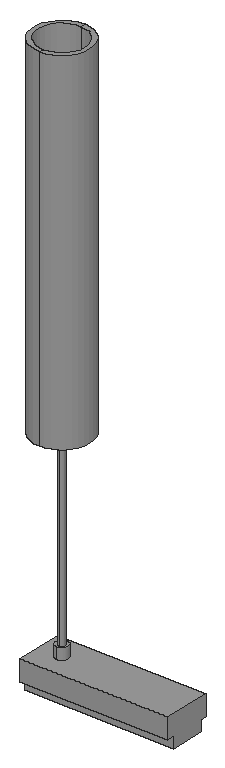
Revit family "Alcon - 15100_Suspended-Linear", category Lighting Fixtures, host Face, Revit 2025
Family settings
  Host = Face
  Round Connector Dimension = Use Diameter
  Part Type = Normal
  Cut with Voids When Loaded = No
  Light Source = Yes
  Maintain Annotation Orientation = No
  Shared = No
  Room Calculation Point = No
Parameters
  Wattage = 9.2903 W
  built-in parameter 1150110 = 1 (stored number, unit not read)
  built-in parameter 1114217 = 1 (stored number, unit not read)
  Tilt Angle = 60.00°
  built-in parameter 1150109 = 1 (stored number, unit not read)
  built-in parameter 1150134 = 3
  built-in parameter 1150113 = 1 (stored number, unit not read)
  built-in parameter 1010507 = 1.5708 (stored number, unit not read)
  built-in parameter 1010506 = 0.5236 (stored number, unit not read)
  built-in parameter 1150105 = 4614.1 (stored number, unit not read)
  Lumens = 1380 lm
  built-in parameter 1150115 = 1 (stored number, unit not read)
  Light Source Symbol Length = 10' - 0"
  built-in parameter 1150137 = (empty or 0)
  built-in parameter 1150139 = (empty or 0)
  built-in parameter 1150112 = 1 (stored number, unit not read)
  built-in parameter 1150114 = 1 (stored number, unit not read)
  built-in parameter 1150132 = (empty or 0)
  built-in parameter 1150102 = (empty or 0)
  built-in parameter 1150107 = 3200 (stored number, unit not read)
  built-in parameter 1150138 = (empty or 0)
  built-in parameter 1150106 = 46.141 (stored number, unit not read)
  HOUSING = Default
  Fixture Rotation = 90.00°
  built-in parameter 1150104 = 13.8 (stored number, unit not read)
  Dimming Lamp Color Temperature Shift = (empty or 0)
  Default Elevation = 4' - 0"
  Color Filter = 16777215
  built-in parameter 1114218 = 1 (stored number, unit not read)
  built-in parameter 1150133 = 10 (stored number, unit not read)
  Adjustable Length = 0' - 5"
Reference planes (in)
  plane 1 "Center (Front/Back)": y = 0
  plane 2: z = 0
  plane 3 "Center (Left/Right)": x = 0
Forms (in)
  Extrusion 1, solid, material "Default" <- "HOUSING"
    sketch origin (-0.64495, -6.99033, 6.35123) x (0, -1, 0) y (0, 0, -1)
      loop
        line (-6.34033, 5.36282) -> (-6.34033, 5.93211) -> (-6.51937, 5.93211) -> (-6.51937, 6.23212) -> (-7.46129, 6.23212) -> (-7.46129, 5.93211) -> (-7.64033, 5.93211) -> (-7.64033, 5.36282) -> (-6.34033, 5.36282)
    from 0 to 4.13
  Revolve 2, solid, material "Default" <- "HOUSING"
    sketch origin (0, 0, 0) x (0, 1, 0) y (0, 0, 1)
      loop
        line (0, 0.98841) -> (0, 1.28553) -> (-0.17498, 1.28553) -> (-0.17498, 0.98841) -> (0, 0.98841)
      axis (0, 0.98841) -> (0, 1.28553)
    angle from 0 to 360
  Revolve 3, solid, material "Default" <- "HOUSING"
    sketch origin (0, 0, 7.57105) x (0, 1, 0) y (0, 0, 1)
      loop
        line (0, -0.98841) -> (-0.17498, -0.98841) -> (-0.17498, -1.28553) -> (0, -1.28553) -> (0, -0.98841)
      axis (0, -0.98841) -> (0, -1.28553)
    angle from 0 to 360
  Revolve 4, solid, material "Default" <- "HOUSING"
    sketch origin (0, 0, 0) x (0, 1, 0) y (0, 0, 1)
      loop
        line (-0.08398, 6.28553) -> (-0.08398, 1.28553) -> (0, 1.28553) -> (0, 6.28553) -> (-0.08398, 6.28553)
      axis (0, 6.28553) -> (0, 1.28553)
    angle from 0 to 360
  Revolve 5, solid, material "Default" <- "HOUSING"
    sketch origin (0, 0, 0) x (0, 1, 0) y (0, 0, 1)
      loop
        line (0, 6.58264) -> (0, 13.70764) -> (-0.66, 13.70764) -> (-0.66, 16.42264) -> (-0.785, 16.42264) -> (-0.785, 6.58264) -> (0, 6.58264)
      axis (0, 6.58264) -> (0, 16.42264)
    angle from 0 to 360
Dimensions and locks (in)
  aligned and locked: plane 2 to host face
  aligned and locked: level to host face
